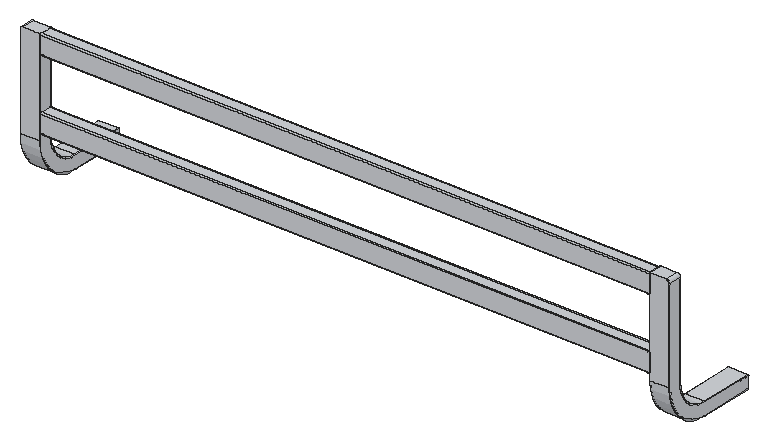
Revit family "Accessory-Towel_Bar-KOHLER-Loure-K-11582", category Specialty Equipment, host Face, Revit 2015
Parameters (values of type "CP-Polished Chrome")
  Width = 5 3/8"  # constant formula
  URL = "https://www.us.kohler.com/us/"
  Type = 1
  Product Page URL = "http://www.us.kohler.com/us/catalog/productDetails.jsp?productNumber=11582"
  Product Name = "Loure"  # constant formula
  Product Documentation Link = "http://www.us.kohler.com/onlinecatalog/pdf/K-11582_spec.pdf"
  Model = if(Type = 1, "K-11582-CP", if(Type = 2, "K-11582-SN", if(Type = 3, "K-11582-BN", "NA")))  # "K-11582-CP"
  Material = "Premium Metal Construction"  # constant formula
  MasterFormat 2004 = "10.28.13"  # constant formula
  MasterFormat 1995 = "10820"  # constant formula
  Manufacturer Address = "444 Highland Dr, Kohler, WI 53044"  # constant formula
  Manufacturer = "KOHLER Co."  # constant formula
  Length = 24 3/4"  # constant formula
  Height = 3 3/4"  # constant formula
  Finish = Kohler-Metal-CP-Polished_Chrome
  Environmental Product Declaration = ""
  Description = "24 Inch Double Towel Bar"  # constant formula
  Default Elevation = 42"
  Declare Label = ""
  Date Modified = "09/04/2018"  # constant formula
  Date Created = "09/04/2018"  # constant formula
  Copyright = "Copyright KOHLER Co."  # constant formula
  Contact Us = "https://www.us.kohler.com/us/static/contact.jsp"
  Assembly Code = "C1030200"
  ADA Compliant = 1 = 0  # no
Types (4): name | Type | Model | Finish
  (no name) | 1 | "K-11582-CP" | Kohler-Metal-CP-Polished_Chrome
  CP-Polished Chrome | 1 | "K-11582-CP" | Kohler-Metal-CP-Polished_Chrome
  SN-Vibrant Polished Nickel | 2 | "K-11582-SN" | Kohler-Metal-SN-Vibrant_Polished_Nickel
  BN-Vibrant Brushed Nickel | 3 | "K-11582-BN" | Kohler-Metal-BN-Vibrant_Brushed_Nickel
Reference planes (in)
  plane 1 "Center (Front/Back)": y = 0
  plane 2: z = 0
  plane 3 "Center (Left/Right)": x = 0
  plane 4: x = -12
  plane 5: x = -12.375
  plane 6: x = 12
  plane 7: x = 12.375
  plane 8: z = 5.375
  plane 9: y = 3.75
Dimensions and locks (in)
  equal spacing: plane 7, plane 3 "Center (Left/Right)", plane 5
  equal spacing: plane 4, plane 3 "Center (Left/Right)", plane 6
  plane 4 to plane 6 = 24"
  "Length": plane 7 to plane 5
  "Width": plane 8 to plane 2
  "Height": plane 9 to plane 1 "Center (Front/Back)"
  aligned and locked: plane 2 to host face
  aligned and locked: level to host face
Automatic sketch dimensions
  host sketch curve to host sketch curve = 96"  (x2)
Nested families (in)
  nested 1: "K-11582" at (0, 0, 0), type "K-11582"
Definition of nested family "K-11582"
  Parameters (values of type "K-11582")
    Material = none
    Length = 24.74958"
  Reference planes (in)
    plane 1 "Center (Front/Back)": y = 0
    plane 2: z = 0
    plane 3 "Center (Left/Right)": x = 0
    plane 4: z = 5.375
    plane 5: x = -12
    plane 6: x = 12
    plane 7: y = 3.75
    plane 8: x = -12.37479
    plane 9: x = 12.37479
  Forms (in)
    Sweep 1, solid, material <- "Material", detail levels medium+fine
      path origin (0, 0, 0) x (0, 1, 0) y (0, 0, 1)
        loop
          line (3.75, 0.25197) -> (1.69291, 0.25197)
          arc (1.69291, 0.25197) -> (0.67401, 0.67401) -> (0.25197, 1.69291) r 1.44094
          line (0.25197, 1.69291) -> (0.25197, 5.375)
      profile origin (0, 2.72146, 0.25197) x (0, 0, -1) y (1, 0, 0)
        loop
          line (-0.25195, -11.62817) -> (-0.25195, -12.35439)
          arc (-0.25195, -12.35439) -> (-0.24598, -12.36881) -> (-0.23155, -12.37479) r 0.0204
          line (-0.23155, -12.37479) -> (0.23138, -12.37479)
          arc (0.23138, -12.37479) -> (0.24594, -12.36876) -> (0.25197, -12.3542) r 0.02059
          line (0.25197, -12.3542) -> (0.25197, -11.6273)
          arc (0.25197, -11.6273) -> (0.24613, -11.61321) -> (0.23203, -11.60737) r 0.01994
          line (0.23203, -11.60737) -> (-0.23115, -11.60737)
          arc (-0.23115, -11.60737) -> (-0.24586, -11.61346) -> (-0.25195, -11.62817) r 0.0208
    Extrusion 2, void
      sketch origin (0.03793, 0, -0.0187) x (1, 0, 0) y (0, 0, 1)
        loop
          line (-12.29565, 5.3937) -> (-12.29565, 5.47754) -> (-12.52025, 5.47754) -> (-12.52025, 5.27663) -> (-12.41272, 5.27663)
          arc (-12.41272, 5.27663) -> (-12.37843, 5.35941) -> (-12.29565, 5.3937) r 0.11707
      from -0.5823 to 0.0472
    Sweep 3, solid, material <- "Material", detail levels medium+fine
      path origin (0, 0, 0) x (1, 0, 0) y (0, 1, 0)
        loop
          line (-11.60728, 0.25156) -> (11.60728, 0.25156)
      profile origin (0, 0.25156, 0) x (0, 1, 0) y (0, 0, 1)
        loop
          arc (0.21844, 4.625) -> (0.23965, 4.63379) -> (0.24844, 4.655) r 0.03
          line (0.24844, 4.655) -> (0.24844, 5.345)
          arc (0.24844, 5.345) -> (0.23965, 5.36621) -> (0.21844, 5.375) r 0.03
          line (0.21844, 5.375) -> (-0.22156, 5.375)
          arc (-0.22156, 5.375) -> (-0.24277, 5.36621) -> (-0.25156, 5.345) r 0.03
          line (-0.25156, 5.345) -> (-0.25156, 4.655)
          arc (-0.25156, 4.655) -> (-0.24277, 4.63379) -> (-0.22156, 4.625) r 0.03
          line (-0.22156, 4.625) -> (0.21844, 4.625)
    Sweep 4, solid, material <- "Material", detail levels medium+fine
      path origin (12.00437, 0, 0) x (0, 0, -1) y (0, -1, 0)
        loop
          line (-0.25197, -3.75) -> (-0.25197, -1.69291)
          arc (-0.25197, -1.69291) -> (-0.67401, -0.67401) -> (-1.69291, -0.25197) r 1.44094
          line (-1.69291, -0.25197) -> (-5.375, -0.25197)
      profile origin (12.00437, 2.72146, 0.25197) x (0, 0, -1) y (1, 0, 0)
        loop
          arc (-0.25197, -0.37668) -> (-0.24599, -0.3911) -> (-0.23157, -0.39708) r 0.0204
          line (-0.23157, -0.39708) -> (0.23209, -0.39708)
          arc (0.23209, -0.39708) -> (0.24613, -0.39126) -> (0.25195, -0.37722) r 0.01986
          line (0.25195, -0.37722) -> (0.25195, 0.35082)
          arc (0.25195, 0.35082) -> (0.24621, 0.36468) -> (0.23235, 0.37042) r 0.0196
          line (0.23235, 0.37042) -> (-0.2319, 0.37042)
          arc (-0.2319, 0.37042) -> (-0.24609, 0.36454) -> (-0.25197, 0.35035) r 0.02007
          line (-0.25197, 0.35035) -> (-0.25197, -0.37668)
    Extrusion 5, void
      sketch origin (-0.03793, 0, -0.0187) x (1, 0, 0) y (0, 0, 1)
        loop
          line (12.41272, 5.27608) -> (12.52138, 5.27608) -> (12.52138, 5.49718) -> (12.29509, 5.49718) -> (12.29509, 5.3937)
          arc (12.29509, 5.3937) -> (12.37827, 5.35925) -> (12.41272, 5.27608) r 0.11762
      from -0.60909 to 0.17111
    Sweep 6, solid, material <- "Material", detail levels medium+fine
      path origin (0, 0, -2.71358) x (1, 0, 0) y (0, 1, 0)
        loop
          line (-11.60728, 0.25156) -> (11.60728, 0.25156)
      profile origin (0, 0.25156, -2.71358) x (0, 1, 0) y (0, 0, 1)
        loop
          arc (0.21844, 4.6437) -> (0.23965, 4.65249) -> (0.24844, 4.6737) r 0.03
          line (0.24844, 4.6737) -> (0.24844, 5.3637)
          arc (0.24844, 5.3637) -> (0.23965, 5.38491) -> (0.21844, 5.3937) r 0.03
          line (0.21844, 5.3937) -> (-0.22156, 5.3937)
          arc (-0.22156, 5.3937) -> (-0.24277, 5.38491) -> (-0.25156, 5.3637) r 0.03
          line (-0.25156, 5.3637) -> (-0.25156, 4.6737)
          arc (-0.25156, 4.6737) -> (-0.24277, 4.65249) -> (-0.22156, 4.6437) r 0.03
          line (-0.22156, 4.6437) -> (0.21844, 4.6437)
    Sweep 7, solid, material <- "Material", detail levels coarse
      path origin (0, 0, 0) x (0, 1, 0) y (0, 0, 1)
        loop
          line (3.75, 0.25197) -> (0.25197, 0.25197) -> (0.25197, 5.375)
      profile origin (0, 2.00098, 0.25197) x (0, 0, -1) y (1, 0, 0)
        loop
          line (-0.25197, -12.37479) -> (0.25197, -12.37479) -> (0.25197, -11.60749) -> (-0.25197, -11.60749) -> (-0.25197, -12.37479)
        loop
          line (-0.25197, 11.60728) -> (0.25197, 11.60728) -> (0.25197, 12.37479) -> (-0.25197, 12.37479) -> (-0.25197, 11.60728)
    Sweep 8, solid, material <- "Material", detail levels coarse
      path origin (0, 0, 0) x (1, 0, 0) y (0, 1, 0)
        loop
          line (-11.60749, 0.25) -> (11.60728, 0.25)
      profile origin (-0.00011, 0.25, 0) x (0, 1, 0) y (0, 0, 1)
        loop
          line (-0.25, 2.68012) -> (-0.25, 1.93012) -> (0.25, 1.93012) -> (0.25, 2.68012) -> (-0.25, 2.68012)
        loop
          line (0.25, 4.625) -> (0.25, 5.375) -> (-0.25, 5.375) -> (-0.25, 4.625) -> (0.25, 4.625)
  Cuts and joins
    Extrusion 2 cuts Sweep 1
    Extrusion 5 cuts Sweep 4
    joined: Sweep 1, Sweep 4
    joined: Sweep 3, Sweep 6
    joined: Sweep 7, Sweep 8
  Lines and regions (in)
    Masking region 1
      outline origin (0, 0, 0) x (1, 0, 0) y (0, 0, 1)
        loop
          line (-12.37479, 5.25855) -> (-12.37479, 0) -> (-11.60749, 0) -> (-11.60749, 1.93012) -> (11.60728, 1.93012) -> (11.60728, 0) -> (12.37479, 0) -> (12.37479, 5.25855)
          arc (12.37479, 5.25855) -> (12.34068, 5.34089) -> (12.25834, 5.375) r 0.11645
          line (12.25834, 5.375) -> (-12.25834, 5.375)
          arc (-12.25834, 5.375) -> (-12.34068, 5.34089) -> (-12.37479, 5.25855) r 0.11645
    Masking region 2
      outline origin (0, 0, 0) x (0, 1, 0) y (0, 0, 1)
        loop
          line (3.75, 0) -> (3.75, 0.50394) -> (1.69192, 0.50394)
          arc (1.69192, 0.50394) -> (0.85189, 0.85189) -> (0.50394, 1.69192) r 1.18798
          line (0.50394, 1.69192) -> (0.50394, 5.375) -> (0, 5.375) -> (0, 1.69145)
          arc (0, 1.69145) -> (0.49541, 0.49541) -> (1.69145, 0) r 1.69145
          line (1.69145, 0) -> (3.75, 0)
    Masking region 3
      outline origin (0, 0, 0) x (1, 0, 0) y (0, 1, 0)
        loop
          line (-12.37479, 3.75) -> (-12.37479, 0.02128)
          arc (-12.37479, 0.02128) -> (-12.36856, 0.00623) -> (-12.35351, 0) r 0.02128
          line (-12.35351, 0) -> (12.3545, 0)
          arc (12.3545, 0) -> (12.36885, 0.00594) -> (12.37479, 0.02029) r 0.02029
          line (12.37479, 0.02029) -> (12.37479, 3.75) -> (11.60728, 3.75) -> (11.60728, 0.5) -> (-11.60737, 0.5) -> (-11.60737, 3.75) -> (-12.37479, 3.75)
    symbolic lines, detail levels medium+fine
      curve 1: line (-11.60749, 0, 1.93012) -> (-11.60749, 0, 5.375)
      curve 2: line (-11.60749, 0, 4.625) -> (11.60749, 0, 4.625)
      curve 3: line (-11.60749, 0, 2.68012) -> (11.60749, 0, 2.68012)
      curve 4: arc (-11.62769, 0.50394, 0) -> (-11.6134, 0.49802, 0) -> (-11.60747, 0.48372, 0) r 0.02022
      curve 5: line (11.62813, 0.50394, 0) -> (12.35384, 0.50394, 0)
      curve 6: arc (11.62813, 0.50394, 0) -> (11.61339, 0.49783, 0) -> (11.60728, 0.48309, 0) r 0.02084
      curve 7: arc (11.60728, 0.02002, 0) -> (11.61315, 0.00587, 0) -> (11.62731, 0, 0) r 0.02002
      curve 8: line (-11.62769, 0.50394, 0) -> (-12.35423, 0.50394, 0)
      curve 9: line (-11.60747, 0.01788, 0) -> (-11.60747, 0.5001, 0)
      curve 10: arc (-12.37479, 0.48352, 0) -> (-12.36881, 0.49795, 0) -> (-12.35439, 0.50392, 0) r 0.0204
      curve 11: arc (12.35472, 0.50394, 0) -> (12.36891, 0.49806, 0) -> (12.37479, 0.48387, 0) r 0.02007
      curve 12: arc (-11.60747, 0.01788, 0) -> (-11.61395, 0.00513, 0) -> (-11.6273, 0, 0) r 0.01994
      curve 13: line (11.60728, 0.5, 0) -> (11.60728, 0.02002, 0)
      curve 14: line (11.60749, 0, 1.93012) -> (11.60749, 0, 5.375)
  Dimensions and locks (in)
    plane 4 to plane 2 = 5 3/8"
    plane 7 to plane 1 "Center (Front/Back)" = 3 3/4"
    equal spacing: plane 9, plane 3 "Center (Left/Right)", plane 8
    "Length": plane 9 to plane 8
    equal spacing: plane 5, plane 3 "Center (Left/Right)", plane 6
    plane 5 to plane 6 = 24"
    aligned and locked: plane 2 to level
  Automatic sketch dimensions
    plane 4 to Sweep 1 sketch curve = 0"
    Sweep 1 sketch curve to plane 7 = 0"
    level to Sweep 1 sketch curve = 0.25197"
    Sweep 1 sketch curve to plane 1 "Center (Front/Back)" = 1.69291"
    Sweep 1 sketch curve to plane 1 "Center (Front/Back)" = 0.25197"
    Extrusion 2 sketch curve to plane 4 = 0"
    Extrusion 2 sketch curve to plane 8 = 0.10753"
    Extrusion 2 sketch curve to plane 8 = 0"
    plane 8 to Extrusion 2 sketch curve = 0.11707"
    Extrusion 2 sketch curve to plane 4 = 0.08384"
    profile plane to Sweep 3 sketch curve = 0.25156"
    Sweep 3 sketch curve to Sweep 3 sketch curve = 0.03"  (x3)
    Sweep 3 sketch curve to profile plane = 0.21844"  (x2)
    level to Sweep 3 sketch curve = 4 5/8"
    Sweep 3 sketch curve to Sweep 3 sketch curve = 0.69"
    plane 4 to Sweep 4 sketch curve = 0"
    Sweep 4 sketch curve to plane 7 = 0"
    Sweep 4 sketch curve to level = 1.69291"
    Sweep 4 sketch curve to level = 0.25197"
    plane 1 "Center (Front/Back)" to Sweep 4 sketch curve = 1.69291"
    Extrusion 5 sketch curve to plane 4 = 0"
    plane 9 to Extrusion 5 sketch curve = 0.11762"
    Extrusion 5 sketch curve to plane 9 = 0"
    Extrusion 5 sketch curve to Extrusion 5 sketch curve = 0.10866"
    Extrusion 5 sketch curve to plane 4 = 0.10348"
    profile plane to Sweep 6 sketch curve = 0.25156"
    Sweep 6 sketch curve to Sweep 6 sketch curve = 0.03"  (x3)
    Sweep 6 sketch curve to profile plane = 0.21844"  (x2)
    profile plane to Sweep 6 sketch curve = 4.6437"
    Sweep 6 sketch curve to Sweep 6 sketch curve = 0.69"
    Masking region 1 sketch curve to level = 0"  (x2)
    Masking region 1 sketch curve to plane 8 = 0"
    Masking region 1 sketch curve to plane 5 = 0.39251"
    Masking region 1 sketch curve to plane 6 = 0.39272"
    Masking region 1 sketch curve to Masking region 1 sketch curve = 0.11645"
    Masking region 1 sketch curve to Masking region 1 sketch curve = 1.93012"
    Masking region 2 sketch curve to plane 1 "Center (Front/Back)" = 0"
    plane 4 to Masking region 2 sketch curve = 0"
    Masking region 2 sketch curve to level = 0"
    Masking region 2 sketch curve to plane 7 = 0"
    Masking region 2 sketch curve to Masking region 2 sketch curve = 0.50394"
    Masking region 2 sketch curve to Masking region 2 sketch curve = 1 3/16"
    Masking region 2 sketch curve to Masking region 2 sketch curve = 0.00047"
    level to Masking region 2 sketch curve = 0.50394"
    Sweep 3 sketch curve to plane 5 = 0.39272"
    Sweep 3 sketch curve to plane 1 "Center (Front/Back)" = 0.25156"
    Sweep 3 sketch curve to plane 6 = 0.39272"
    Sweep 6 sketch curve to plane 5 = 0.39272"
    Sweep 6 sketch curve to plane 1 "Center (Front/Back)" = 0.25156"
    Sweep 6 sketch curve to plane 6 = 0.39272"
    plane 4 to Sweep 7 sketch curve = 0"
    Sweep 7 sketch curve to plane 7 = 0"
    Sweep 7 sketch curve to plane 1 "Center (Front/Back)" = 0.25197"
    profile plane to Sweep 7 sketch curve = 0.25197"  (x2)
    Sweep 7 sketch curve to profile plane = 0.25197"  (x2)
    Sweep 7 sketch curve to Sweep 7 sketch curve = 0.76729"
    plane 3 "Center (Left/Right)" to Sweep 7 sketch curve = 11.60728"
    plane 9 to Masking region 1 sketch curve = 0"
    Masking region 1 sketch curve to plane 4 = 0"
    plane 8 to Masking region 1 sketch curve = 0.11645"
    profile plane to Sweep 4 sketch curve = 0.25197"
    Sweep 4 sketch curve to Sweep 4 sketch curve = 0.02007"
    Sweep 4 sketch curve to Sweep 4 sketch curve = 0.0204"
    Sweep 4 sketch curve to profile plane = 0.23209"
    Sweep 4 sketch curve to profile plane = 0.23235"
    Sweep 4 sketch curve to Sweep 4 sketch curve = 0.01986"
    Sweep 4 sketch curve to profile plane = 0.39708"
    profile plane to Sweep 4 sketch curve = 0.35035"
    profile plane to Sweep 8 sketch curve = 1/4"  (x2)
    Sweep 8 sketch curve to profile plane = 1/4"  (x2)
    level to Sweep 8 sketch curve = 1.93012"
    Sweep 8 sketch curve to Sweep 8 sketch curve = 3/4"  (x2)
    Sweep 8 sketch curve to Sweep 8 sketch curve = 1.94488"
    profile plane to Sweep 1 sketch curve = 0.25195"
    Sweep 1 sketch curve to Sweep 1 sketch curve = 0.0204"
    Sweep 1 sketch curve to Sweep 1 sketch curve = 0.0208"
    Sweep 1 sketch curve to profile plane = 0.23138"
    Sweep 1 sketch curve to profile plane = 0.23203"
    Sweep 1 sketch curve to Sweep 1 sketch curve = 0.01994"
    Sweep 1 sketch curve to plane 3 "Center (Left/Right)" = 12.37479"
    Sweep 1 sketch curve to Sweep 1 sketch curve = 0.72622"
    Sweep 7 sketch curve to Sweep 7 sketch curve = 0.76751"
    Sweep 7 sketch curve to plane 3 "Center (Left/Right)" = 11.60749"
    Masking region 3 sketch curve to plane 8 = 0"
    plane 1 "Center (Front/Back)" to Masking region 3 sketch curve = 0"
    Masking region 3 sketch curve to plane 7 = 0"  (x2)
    Masking region 3 sketch curve to plane 9 = 0"
    Masking region 3 sketch curve to plane 1 "Center (Front/Back)" = 0.02128"
    Masking region 3 sketch curve to plane 5 = 0.39263"
    Masking region 3 sketch curve to plane 6 = 0.39272"
    Masking region 3 sketch curve to plane 1 "Center (Front/Back)" = 0.02029"
    Masking region 3 sketch curve to plane 1 "Center (Front/Back)" = 1/2"
    Sweep 8 sketch curve to plane 5 = 0.39251"
    Sweep 8 sketch curve to plane 1 "Center (Front/Back)" = 1/4"
    Sweep 8 sketch curve to plane 6 = 0.39272"
    curve 1 to plane 4 = 0"
    curve 14 to plane 4 = 0"
    curve 1 to plane 5 = 0.39251"
    curve 3 to plane 6 = 0.39251"
    curve 2 to curve 1 = 3/4"
    curve 3 to curve 2 = 1.94488"
    curve 1 to curve 3 = 3/4"
    curve 14 to curve 3 = 3/4"
    curve 10 to plane 8 = 0"
    plane 1 "Center (Front/Back)" to curve 12 = 0"
    plane 1 "Center (Front/Back)" to curve 7 = 0"
    curve 11 to plane 9 = 0"
    curve 10 to curve 10 = 0.0204"
    curve 8 to plane 5 = 0.37231"
    curve 12 to plane 1 "Center (Front/Back)" = 0.01994"
    curve 12 to plane 5 = 0.3727"
    curve 9 to plane 1 "Center (Front/Back)" = 0.01788"
    curve 13 to plane 1 "Center (Front/Back)" = 0.02002"
    curve 13 to plane 6 = 0.39272"
    curve 6 to curve 6 = 0.02084"
    plane 9 to curve 11 = 0.02007"
    curve 7 to curve 6 = 0.46307"
    curve 10 to plane 1 "Center (Front/Back)" = 0.48352"
    curve 12 to curve 4 = 0.46378"
    curve 11 to curve 5 = 0.02007"
    curve 10 to curve 8 = 0.00016"
    curve 5 to curve 11 = 0.00088"
    curve 6 to curve 13 = 0.01691"
    curve 4 to curve 9 = 0.01638"
    level to Sweep 7 sketch curve = 0.25197"
